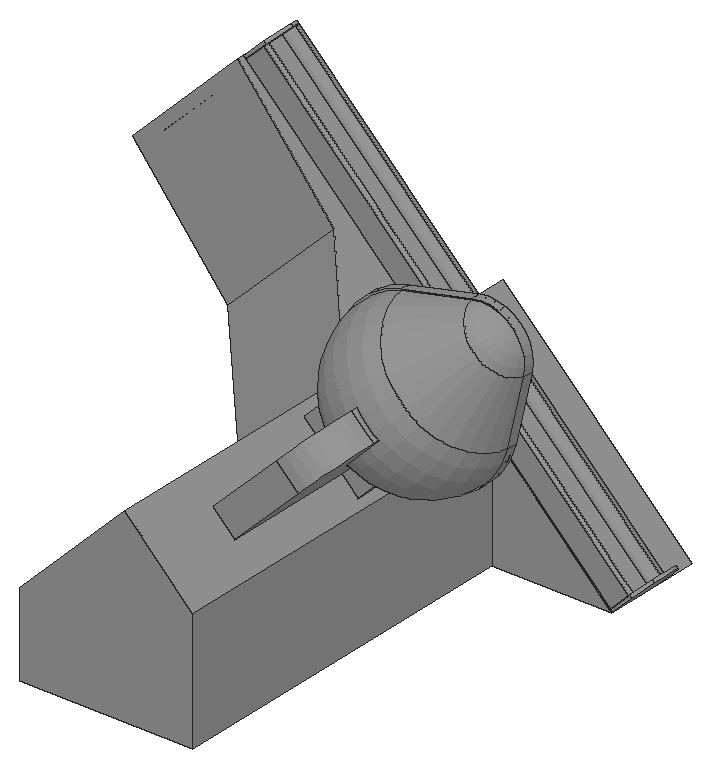
Revit family "Combination-Willoughby-ECW-1545-R-ON", category Plumbing Fixtures, Revit 2015
Parameters (values of type "Standard")
  Waste DIA [instance] = 2 3/8"
  Waste Connection = yes
  W-RAD [instance] = Waste DIA / 2  # 0' - 1 3/16"
  URL = "https://www.willoughby-ind.com/wp-content/uploads/2017/09/1545.pdf"
  Type Comments = ""
  Revision = "A"
  Flush Inlet Connection = yes
  Model = "ECW-1545-R-ON"
  Manufacturer = "Willoughby Industries"
  Lav Waste DIA [instance] = 1 1/2"
  LAV Waste Connection = yes
  L-RAD [instance] = Lav Waste DIA / 2  # 0' - 0 3/4"
  HW Connection = no
  Flush inlet DIA [instance] = 1 1/2"
  Fixture Body = Stainless Steel AISI 304-Willoughby
  F-RAD [instance] = Flush inlet DIA / 2  # 0' - 0 3/4"
  Description = "1545 Right Hand Orientation, Wall toilet waste outlet, On floor mounted"
  Default Elevation = 0' - 0"
  Contact Number = "(800) 428-4065"
  CW Connection = no
Reference planes (in)
  plane 1 "Center (Front/Back)": y = -16.25
  plane 2: z = 0
  plane 3 "Waste CL": x = 0
  plane 4 "Base": y = -16.25
  plane 5 "Seat height": y = 1.75
  plane 6 "Waste Hieght": y = -4.75
  plane 7 "Lwaste ht": y = 8
  plane 8 "flush inlet HT": y = 4.25
  plane 9 "Lav inlet HT": y = 18.25
  plane 10 "Fixture Height": y = 21.75
  plane 11: y = 16.75
  plane 12: y = 16.75
  plane 13: x = -4.43928
  plane 14: x = 0
  plane 15: through (5.56326, 0, 8.31174) normal (0.7071, 0, -0.7071)
  plane 16: through (18.93571, 0, 21.58587) normal (0.7071, 0, -0.7071)
  plane 17: through (11.21677, 0, 22.4617) normal (-0.7071, 0, -0.7071)
  plane 18: through (13.63108, 0, 13.0668) normal (-0.7071, 0, -0.7071)
  plane 19: through (-1.5625, 0, 6.3125) normal (0.7071, 0, 0.7071)
  plane 20: x = 0.375
  plane 21: x = -3.5
  plane 22: x = -6.125
  plane 23: x = 1.375
  plane 24: x = 8.875
Forms (in)
  Extrusion 1, solid, material "Stainless Steel AISI 304-Willoughby" <- "Fixture Body"
    sketch origin (-1.68458, 10.5, 3.3379) x (0.707107, 0, -0.707107) y (0.707107, 0, 0.707107)
      loop
        line (2.70982, 12.45225) -> (2.70982, 16.55468)
        arc (2.70982, 16.55468) -> (6.39888, 20.87266) -> (5.70617, 26.50951) r 7.0486
        line (5.70617, 26.50951) -> (2.63799, 31.40648)
        arc (2.63799, 31.40648) -> (-0.32794, 33.04818) -> (-3.29386, 31.40648) r 3.5
        line (-3.29386, 31.40648) -> (-6.39594, 26.45542)
        arc (-6.39594, 26.45542) -> (-7.09667, 20.86448) -> (-3.45054, 16.56851) r 7
        line (-3.45054, 16.56851) -> (-3.45054, 12.45225) -> (2.70982, 12.45225)
      loop
        line (3.8541, 24.70557) -> (1.45096, 30.23842)
        arc (1.45096, 30.23842) -> (-0.38804, 31.45225) -> (-2.22704, 30.23842) r 2
        line (-2.22704, 30.23842) -> (-4.63018, 24.70557)
        arc (-4.63018, 24.70557) -> (-0.38804, 18.23804) -> (3.8541, 24.70557) r 4.625
    from 8.75 to 9.5
  Revolve 2, solid, material "Stainless Steel AISI 304-Willoughby" <- "Fixture Body"
    sketch origin (-0.29485, 1.5, 6.67854) x (0.707107, 0, -0.707107) y (0.707107, 0, 0.707107)
      loop
        arc (1.06174, 12.59906) -> (7.15052, 16.14555) -> (7.06964, 23.19143) r 7
        line (7.06964, 23.19143) -> (4.02767, 28.04656)
        arc (4.02767, 28.04656) -> (2.75672, 29.25045) -> (1.06174, 29.68826) r 3.5
        line (1.06174, 29.68826) -> (1.06174, 29.43826)
        arc (1.06174, 29.43826) -> (2.63527, 29.03194) -> (3.81535, 27.91457) r 3.25
        line (3.81535, 27.91457) -> (6.78077, 23.18447)
        arc (6.78077, 23.18447) -> (6.96784, 16.33096) -> (1.06174, 12.84906) r 6.75
        line (1.06174, 12.84906) -> (1.06174, 12.59906)
      axis (1.06174, 12.59906) -> (1.06174, 29.68826)
    angle from 0 to -180
  Extrusion 3, solid, material "Stainless Steel AISI 304-Willoughby" <- "Fixture Body"
    sketch origin (-1.29276, 0, 6.04518) x (0, 1, 0) y (-0.707107, 0, -0.707107)
      loop
        line (-5.27082, -10.26086) -> (-5.27082, -18.76086)
        arc (-5.27082, -18.76086) -> (-2.93256, -15.26109) -> (1, -13.76086) r 6.92744
        line (1, -13.76086) -> (1, -10.26086) -> (-5.27082, -10.26086)
    from 0 to -2.5
  Extrusion 4, solid, material "Stainless Steel AISI 304-Willoughby" <- "Fixture Body"
    sketch origin (0, 21.75, -8.22682) x (-1, 0, 0) y (0, 0, -1)
      loop
        line (4.37918, -8.22682) -> (-19.26346, -8.22682) -> (-4.09227, -23.398) -> (4.37918, -14.92655) -> (4.37918, -8.22682)
    from 0 to 8
  Extrusion 5, solid, material "Stainless Steel AISI 304-Willoughby" <- "Fixture Body"
    sketch origin (14.57379, 17.75, 0.37065) x (-1, 0, 0) y (0, 0, -1)
      loop
        line (33.4941, -20.84255) -> (18.9668, -6.31525) -> (10.48152, -14.80053) -> (25.00882, -29.32784) -> (33.4941, -20.84255)
      loop
        line (25.93339, -27.1733) -> (31.28812, -21.81856)
        arc (31.28812, -21.81856) -> (31.58102, -21.11145) -> (31.28812, -20.40435) r 1
        line (31.28812, -20.40435) -> (21.29651, -10.41273)
        arc (21.29651, -10.41273) -> (20.5894, -10.11984) -> (19.88229, -10.41273) r 1
        line (19.88229, -10.41273) -> (14.52755, -15.76747)
        arc (14.52755, -15.76747) -> (14.23466, -16.47457) -> (14.52755, -17.18168) r 1
        line (14.52755, -17.18168) -> (24.51917, -27.1733)
        arc (24.51917, -27.1733) -> (25.22628, -27.46619) -> (25.93339, -27.1733) r 1
    from 0.25 to 4
  Extrusion 6, solid, material "Stainless Steel AISI 304-Willoughby" <- "Fixture Body"
    sketch origin (0, 15.25, 5.38846) x (-1, 0, 0) y (0, 0, -1)
      loop
        line (4.37918, -1.31128) -> (4.37918, 5.38846) -> (-9.56695, 5.38846) -> (-9.56695, -4.30805) -> (-9.03662, -4.83838) -> (-4.68059, -9.19441) -> (-4.09227, -9.78273) -> (4.37918, -1.31128)
    from 1.5 to 31.5
  Extrusion 7, solid, material "Stainless Steel AISI 304-Willoughby" <- "Fixture Body"
    sketch origin (12.34107, 46.33187, 6.92239) x (0, 1, 0) y (0.707107, 0, -0.707107)
      loop
        line (-32.58187, -11.66556) -> (-40.55839, -11.66556) -> (-34.30788, -19.96026) -> (-33.08187, -32.21026) -> (-32.58187, -32.21026) -> (-32.58187, -11.66556)
    from 0 to 12
  Extrusion 8, solid, material "Stainless Steel AISI 304-Willoughby" <- "Fixture Body"
    sketch origin (13.99364, -32.57743, -5.26884) x (0, 1, 0) y (-0.707107, 0, -0.707107)
      loop
        line (50.42743, -7.45195) -> (46.32743, -7.45195) -> (46.32743, -9.70195) -> (47.59556, -10.91308)
        arc (47.59556, -10.91308) -> (49.41117, -11.24179) -> (50.42743, -9.70176) r 1.675
        line (50.42743, -9.70176) -> (50.42743, -7.45195)
    from 0 to 0.25
  Extrusion 9, solid, material "Stainless Steel AISI 304-Willoughby" <- "Fixture Body"
    sketch origin (-27.44804, 0, 12.33192) x (0, 1, 0) y (-0.707107, 0, -0.707107)
      loop
        line (15.91806, -24.31001) -> (13.80508, -24.31001) -> (13.80508, -26.57803) -> (15.9431, -27.27305)
        arc (15.9431, -27.27305) -> (16.80723, -26.96317) -> (16.724, -26.04893) r 0.74997
        arc (16.724, -26.04893) -> (16.18275, -25.24356) -> (15.91806, -24.31001) r 3.08899
    from 0 to 0.25
  Sweep 10, solid, material "Stainless Steel AISI 304-Willoughby" <- "Fixture Body"
    path origin (0, 16.75813, 5.38846) x (-1, 0, 0) y (0, 0, -1)
      loop
        line (8.66726, -25.72424) -> (-20.67718, 3.6202)
    profile origin (6.00496, 16.75813, 16.44048) x (0.707107, 0, 0.707107) y (0, -1, 0)
      loop
        circle (0, 0.58305) r 0.75
  Extrusion 11, solid, material "Stainless Steel AISI 304-Willoughby" <- "Fixture Body"
    sketch origin (0.96677, 27.10824, 4.76918) x (0, 1, 0) y (-0.707107, 0, -0.707107)
      loop
        line (-32.37906, -9.56539) -> (-36.87906, -9.56539) -> (-36.87906, -16.85188)
        arc (-36.87906, -16.85188) -> (-35.70748, -19.68031) -> (-32.87906, -20.85188) r 4
        line (-32.87906, -20.85188) -> (-32.37906, -20.85188) -> (-32.37906, -9.56539)
    from 0 to 2.5
  Extrusion 12, solid, material "Stainless Steel AISI 304-Willoughby" <- "Fixture Body"
    sketch origin (0, 0, 0) x (-1, 0, 0) y (0, -1, 0)
      loop
        circle (-2.12082, 4.75) r 1.1875
    from 0 to -3
  Revolve 13, solid, material "Stainless Steel AISI 304-Willoughby" <- "Fixture Body"
    sketch origin (0, 4.25, 0) x (-1, 0, 0) y (0, 0, 1)
      loop
        line (1.75418, 0) -> (2.50418, 0) -> (2.50418, 1) -> (1.75418, 1) -> (1.75418, 0)
      axis (1.75418, 1) -> (1.75418, 0)
    angle from 0 to 360
  Revolve 14, solid, material "Stainless Steel AISI 304-Willoughby" <- "Fixture Body"
    sketch origin (0, 8, 0) x (-1, 0, 0) y (0, 0, 1)
      loop
        line (-2.59389, -3) -> (-1.84389, -3) -> (-1.84389, 1) -> (-2.59389, 1) -> (-2.59389, -3)
      axis (-2.59389, 1) -> (-2.59389, -3)
    angle from 0 to 360
  Extrusion 15, solid, material "Stainless Steel AISI 304-Willoughby" <- "Fixture Body"
    sketch origin (-27.44804, -3.80508, 12.33192) x (0, 1, 0) y (-0.707107, 0, -0.707107)
      loop
        line (17.61016, -24.31001) -> (17.61016, -26.37601)
        arc (17.61016, -26.37601) -> (17.68163, -26.54855) -> (17.85416, -26.62001) r 0.244
        line (17.85416, -26.62001) -> (19.22916, -26.62001) -> (19.22916, -26.50101) -> (17.85416, -26.50101)
        arc (17.85416, -26.50101) -> (17.76577, -26.4644) -> (17.72916, -26.37601) r 0.125
        line (17.72916, -26.37601) -> (17.72916, -24.31001) -> (17.61016, -24.31001)
    from 0 to -41.49931
Cuts and joins
  joined: Extrusion 4, Extrusion 5, Extrusion 6, Extrusion 7
  joined: Extrusion 3, Extrusion 11
Lines and regions (in)
  symbolic lines
    curve 1: line (0, -16.25, 0) -> (0, -16.25, 10.875)
    curve 2: line (0, -16.25, 10.875) -> (0, -9.77082, 10.875)
    curve 3: line (0, -9.77082, 7.42785) -> (0, -9.77082, 14.55072)
    curve 4: arc (0, -9.77082, 14.55072) -> (0, -9.63092, 15.12832) -> (0, -9.34027, 15.64669) r 2.18047
    curve 5: arc (0, -9.34027, 15.64669) -> (0, -8.16612, 16.62247) -> (0, -6.71641, 17.10112) r 4.10062
    curve 6: arc (0, -6.71641, 17.10112) -> (0, -6.25895, 17.17115) -> (0, -5.79693, 17.19776) r 4.90539
    curve 7: line (0, -5.79693, 17.19776) -> (0, -5.34908, 17.19776)
    curve 8: line (0, -9.77082, 7.42785) -> (0, 1, 7.42785)
    curve 9: line (0, 1, 7.42785) -> (0, 1, 6.12122)
    curve 10: line (0, 1, 6.12122) -> (0, 1.75, 6.12122)
    curve 11: line (0, 1.75, 6.12122) -> (0, 1.75, 23.85789)
    curve 12: line (0, 1.75, 23.85789) -> (0, 1, 23.85789)
    curve 13: line (0, 1, 23.85789) -> (0, 1, 23.81298)
    curve 14: arc (0, 1, 23.81298) -> (0, 0.24523, 23.62415) -> (0, -0.44203, 23.25943) r 3.213
    curve 15: line (0, -3.65124, 20.43726) -> (0, -0.44203, 23.25943)
    curve 16: arc (0, -3.65124, 20.43726) -> (0, -4.49136, 19.29804) -> (0, -5.10282, 18.02143) r 7.51089
    curve 17: arc (0, -5.10282, 18.02143) -> (0, -5.32358, 17.30352) -> (0, -5.4657, 16.56599) r 6.96004
    curve 18: arc (0, -5.4657, 16.56599) -> (0, -5.44608, 14.67073) -> (0, -4.87907, 12.86216) r 6.48196
    curve 19: arc (0, -4.87907, 12.86216) -> (0, -2.47541, 10.03856) -> (0, 1, 8.74559) r 7.35882
    curve 20: line (0, 1.75, 10.875) -> (0, 17.75, 10.875)
    curve 21: line (0, 6.9375, 10.875) -> (0, 12.02399, 15.64797)
    curve 22: line (0, 12.02399, 15.64797) -> (0, 13.25, 24.31003)
    curve 23: line (0, 13.25, 24.31003) -> (0, 14.75, 24.31003)
    curve 24: line (0, 14.75, 24.31003) -> (0, 16.08298, 26.14349)
    curve 25: arc (0, 16.08298, 26.14349) -> (0, 16.84422, 26.47073) -> (0, 17.49557, 25.95855) r 0.81101
    curve 26: line (0, 17.49557, 25.95855) -> (0, 17.75, 24.31003)
    curve 27: line (0, 17.75, 24.31003) -> (0, 17.75, 10.875)
    curve 28: line (0, 17.75, 10.875) -> (0, 21.75, 10.875)
    curve 29: line (0, 21.75, 10.875) -> (0, 21.75, 0)
    curve 30: line (0, 21.75, 0) -> (0, -16.25, 0)
    curve 31: line (-6.125, -16.25, 0) -> (8.875, -16.25, 0)
    curve 32: line (8.875, -16.25, 0) -> (8.875, -9.77082, 0)
    curve 33: line (8.875, -9.77082, 0) -> (4.67938, -9.77082, 0)
    curve 34: line (4.67938, -9.77082, 0) -> (4.67938, 1, 0)
    curve 35: line (4.67938, 1, 0) -> (3.39775, 1, 0)
    curve 36: line (3.39775, 1, 0) -> (3.39775, 1.75, 0)
    curve 37: line (3.39775, 1.75, 0) -> (21.19441, 1.75, 0)
    curve 38: line (21.19441, 1.75, 0) -> (21.15511, 1, 0)
    curve 39: arc (21.15511, 1, 0) -> (20.95055, 0.24585, 0) -> (20.59794, -0.45146, 0) r 3.84994
    curve 40: line (20.59794, -0.45146, 0) -> (18.38285, -2.99963, 0)
    curve 41: arc (18.38285, -2.99963, 0) -> (17.86342, -3.56386, 0) -> (17.28141, -4.06329, 0) r 6.5291
    curve 42: arc (17.28141, -4.06329, 0) -> (15.92752, -4.87211, 0) -> (14.4279, -5.36027, 0) r 7.06139
    curve 43: arc (14.4279, -5.36027, 0) -> (13.54813, -5.48094, 0) -> (12.66013, -5.48389, 0) r 6.68208
    curve 44: arc (12.66013, -5.48389, 0) -> (10.67273, -5.07519, 0) -> (8.875, -4.13447, 0) r 7.28874
    curve 45: arc (8.875, -4.13447, 0) -> (7.41489, -2.70905, 0) -> (6.44715, -0.9126, 0) r 6.75389
    curve 46: arc (6.44715, -0.9126, 0) -> (6.18017, 0.03016, 0) -> (6.04061, 1, 0) r 7.37011
    curve 47: line (14.4279, -5.36027, 0) -> (14.4279, -5.77082, 0)
    curve 48: arc (14.4279, -5.77082, 0) -> (14.2915, -6.96797, 0) -> (13.88929, -8.10376, 0) r 5.32184
    curve 49: arc (13.88929, -8.10376, 0) -> (13.02601, -9.24289, 0) -> (11.69305, -9.75875, 0) r 2.61768
    curve 50: line (11.69305, -9.75875, 0) -> (8.87748, -9.75875, 0)
    curve 51: arc (10.07132, -9.75875, 0) -> (10.92795, -9.45203, 0) -> (11.62189, -8.86353, 0) r 2.5444
    curve 52: arc (11.62189, -8.86353, 0) -> (12.41175, -7.45024, 0) -> (12.65944, -5.85026, 0) r 4.57133
    curve 53: line (12.65944, -5.85026, 0) -> (12.65944, -5.49235, 0)
    curve 54: line (8.875, 1.75, 0) -> (8.875, 15.25, 0)
    curve 55: line (8.875, 15.25, 0) -> (15.375, 15.25, 0)
    curve 56: arc (15.375, 15.25, 0) -> (16.875, 16.75, 0) -> (15.375, 18.25, 0) r 1.5
    curve 57: line (15.375, 18.25, 0) -> (13.875, 18.25, 0)
    curve 58: line (13.875, 18.25, 0) -> (13.875, 21.75, 0)
    curve 59: line (13.875, 21.75, 0) -> (-6.125, 21.75, 0)
    curve 60: line (-6.125, 21.75, 0) -> (-6.125, 17.75, 0)
    curve 61: line (-6.125, 17.75, 0) -> (-18.92031, 17.75, 0)
    curve 62: line (-18.92031, 17.75, 0) -> (-18.92031, 13.25, 0)
    curve 63: line (-18.92031, 13.25, 0) -> (-10.25825, 12.02399, 0)
    curve 64: line (-10.25825, 12.02399, 0) -> (-6.125, 7.61924, 0)
    curve 65: line (-6.125, 7.61924, 0) -> (-6.125, -16.25, 0)
  reference lines
    curve 66: line (-8.31371, -16.25, 30.67437) -> (21.38478, -16.25, 0.97588)
    curve 67: line (-4.37918, -16.25, 0) -> (-4.37918, 17.5, 0)
    curve 68: line (-4.37918, 17.5, 0) -> (-18.92031, 17.5, 0)
Dimensions and locks (in)
  locked: plane 5 "Seat height" to plane 4 "Base" at 18
  plane 6 "Waste Hieght" to plane 4 "Base" = 0' - 11 1/2"
  plane 7 "Lwaste ht" to plane 4 "Base" = 2' - 0 1/4"
  plane 8 "flush inlet HT" to plane 4 "Base" = 1' - 8 1/2"
  locked: Extrusion 1 to Extrusion 1 at 0.75
  plane 21 to plane 20 = 0' - 3 7/8"
  cut or joined group of Extrusion 4, Extrusion 5, Extrusion 6, Extrusion 7 to plane 21 = 0' - 0.87918"  (x2)
  cut or joined group of Extrusion 4, Extrusion 5, Extrusion 6, Extrusion 7 to plane 20 = 0' - 4.75418"  (x2)
  plane 22 to plane 23 = 0' - 7 1/2"
  cut or joined group of Extrusion 4, Extrusion 5, Extrusion 6, Extrusion 7 to plane 4 "Base" = 2' - 9 3/4"
  locked: plane 10 "Fixture Height" to plane 4 "Base" at 38
  locked: plane 1 "Center (Front/Back)" to Extrusion 1 at 18
  plane 24 to plane 22 = 1' - 3"
  plane 22 to cut or joined group of Extrusion 4, Extrusion 5, Extrusion 6, Extrusion 7 = 2' - 1.38846"
  Revolve 13 sketch curve to Revolve 13 sketch curve = 0' - 1"
  Revolve 14 sketch curve to Revolve 14 sketch curve = 0' - 1"
  "W-RAD": radius of Extrusion 12 sketch curve
  aligned: plane 18 to Revolve 2
  aligned: plane 16 to plane 15
  aligned: plane 18 to plane 17
  aligned and locked: plane 6 "Waste Hieght" to Extrusion 12 sketch curve
  aligned and locked: Revolve 13 sketch curve to Revolve 13 sketch curve  (x2)
  aligned and locked: Revolve 14 sketch curve to Revolve 14 sketch curve
  aligned and locked: Extrusion 6 to Extrusion 4  (x2)
  aligned and locked: Extrusion 15 to Extrusion 8
  aligned and locked: Extrusion 4 to Extrusion 6  (x2)
  aligned and locked: Extrusion 7 to Extrusion 4
  aligned and locked: Extrusion 5 to Extrusion 4
  aligned and locked: cut or joined group of Extrusion 4, Extrusion 5, Extrusion 6, Extrusion 7 to Revolve 13 sketch curve
  aligned and locked: Extrusion 12 to Revolve 14 sketch curve
  aligned and locked: Extrusion 5 to curve 68
Automatic sketch dimensions
  Revolve 2 sketch curve to Revolve 2 sketch curve = 0' - 0"  (x3)
  plane 15 to Revolve 2 sketch curve = 0' - 1.92572"  (x4)
  plane 17 to Revolve 2 sketch curve = 0' - 8.74624"
  plane 17 to Revolve 2 sketch curve = 0' - 8.61425"
  Revolve 2 sketch curve to plane 15 = 0' - 0.82789"
  Revolve 2 sketch curve to Revolve 2 sketch curve = 0' - 0.21232"
  Revolve 2 sketch curve to Revolve 2 sketch curve = 0' - 2.96542"
  Revolve 2 sketch curve to Revolve 2 sketch curve = 0' - 0.28887"
  plane 17 to Revolve 2 sketch curve = 0' - 6.88794"
  plane 17 to Revolve 2 sketch curve = 0' - 3.89111"
  Revolve 2 sketch curve to Revolve 2 sketch curve = 0' - 0.00696"
  Revolve 2 sketch curve to Revolve 2 sketch curve = 0' - 3 1/4"
  Revolve 2 sketch curve to Revolve 2 sketch curve = 0' - 3.3392"
  Revolve 2 sketch curve to Revolve 2 sketch curve = 0' - 2.4108"
  Extrusion 3 sketch curve to plane 6 "Waste Hieght" = 0' - 0.52082"
  plane 5 "Seat height" to Extrusion 3 sketch curve = 0' - 0 3/4"
  plane 5 "Seat height" to Extrusion 3 sketch curve = 0' - 0.3638"
  plane 17 to Extrusion 3 sketch curve = 0' - 0.22371"
  Extrusion 3 sketch curve to plane 17 = 0' - 1.69295"
  Extrusion 3 sketch curve to plane 19 = 0' - 10.26256"
  Extrusion 5 sketch curve to Extrusion 5 sketch curve = 0' - 0.70711"  (x11)
  Extrusion 5 sketch curve to Extrusion 5 sketch curve = 0' - 0.48964"
  Extrusion 5 sketch curve to Extrusion 5 sketch curve = 0' - 2.91308"
  level to Extrusion 5 sketch curve = 2' - 5.69848"
  Extrusion 5 sketch curve to Extrusion 5 sketch curve = 0' - 2.15454"
  Extrusion 5 sketch curve to Extrusion 5 sketch curve = 0' - 5.35474"
  Extrusion 5 sketch curve to Extrusion 5 sketch curve = 0' - 0.43821"
  Extrusion 5 sketch curve to Extrusion 5 sketch curve = 0' - 2.38115"
  Extrusion 5 sketch curve to Extrusion 5 sketch curve = 0' - 4.80458"
  Extrusion 7 sketch curve to plane 7 "Lwaste ht" = 0' - 2.22652"
  plane 7 "Lwaste ht" to Extrusion 7 sketch curve = 0' - 4.02399"
  Extrusion 7 sketch curve to plane 11 = 0' - 3 1/2"
  Extrusion 7 sketch curve to Extrusion 7 sketch curve = 0' - 0 1/2"
  plane 15 to Extrusion 7 sketch curve = 2' - 2.43521"
  plane 15 to Extrusion 7 sketch curve = 1' - 2.18521"
  plane 15 to Extrusion 7 sketch curve = 0' - 5.89051"
  Extrusion 11 sketch curve to plane 6 "Waste Hieght" = 0' - 5.02082"
  Extrusion 11 sketch curve to plane 6 "Waste Hieght" = 0' - 1.02082"
  Extrusion 11 sketch curve to plane 6 "Waste Hieght" = 0' - 0.52082"
  plane 17 to Extrusion 11 sketch curve = 0' - 1.09353"
  Extrusion 11 sketch curve to plane 19 = 0' - 10.26256"
  Extrusion 5 sketch curve to plane 13 = 0' - 0.86922"
  plane 13 to Extrusion 5 sketch curve = 0' - 0.04627"
  Extrusion 5 sketch curve to plane 13 = 0' - 5.5061"
  Extrusion 5 sketch curve to plane 3 "Waste CL" = 0' - 0.66087"
  plane 3 "Waste CL" to Extrusion 5 sketch curve = 0' - 0.04623"
  plane 20 to Extrusion 5 sketch curve = 0' - 3.71727"
  curve 66 to plane 22 = 0' - 2.18871"
  level to curve 66 = 2' - 6.67437"
  level to curve 66 = 0' - 0.97588"
  plane 24 to curve 66 = 1' - 0.50978"
  curve 1 to level = 0' - 0"
  curve 1 to plane 1 "Center (Front/Back)" = 0' - 0"
  curve 11 to plane 5 "Seat height" = 0' - 0"
  curve 29 to plane 10 "Fixture Height" = 0' - 0"
  curve 3 to plane 6 "Waste Hieght" = 0' - 5.02082"
  curve 4 to curve 4 = 0' - 2.16937"
  curve 5 to plane 6 "Waste Hieght" = 0' - 1.4281"
  curve 7 to plane 6 "Waste Hieght" = 0' - 1.04693"
  curve 5 to curve 6 = 0' - 0.4319"
  plane 6 "Waste Hieght" to curve 15 = 0' - 1.09876"
  plane 5 "Seat height" to curve 15 = 0' - 2.19203"
  plane 5 "Seat height" to curve 18 = 0' - 0.79392"
  plane 5 "Seat height" to curve 12 = 0' - 0 3/4"
  plane 5 "Seat height" to curve 8 = 0' - 0 3/4"
  plane 5 "Seat height" to curve 14 = 0' - 0.35334"
  plane 5 "Seat height" to curve 17 = 0' - 0.32029"
  plane 5 "Seat height" to curve 19 = 0' - 0.00457"
  curve 16 to plane 5 "Seat height" = 0' - 0.19673"
  plane 7 "Lwaste ht" to curve 22 = 0' - 4.02399"
  curve 22 to plane 11 = 0' - 3 1/2"
  curve 22 to curve 24 = 0' - 1 1/2"
  curve 24 to plane 11 = 0' - 0.66702"
  curve 25 to plane 11 = 0' - 0.01105"
  plane 11 to curve 26 = 0' - 0.74557"
  curve 26 to plane 9 "Lav inlet HT" = 0' - 0 1/2"
  level to curve 11 = 0' - 6.12122"
  level to curve 3 = 0' - 7.42785"
  level to curve 28 = 0' - 10 7/8"
  curve 3 to curve 2 = 0' - 3.44715"
  curve 2 to curve 6 = 0' - 1.41764"
  curve 6 to curve 5 = 0' - 0.74335"
  curve 5 to curve 4 = 0' - 1.29507"
  curve 4 to curve 3 = 0' - 0.21968"
  curve 20 to curve 16 = 0' - 4.55465"
  curve 16 to curve 17 = 0' - 0.19008"
  curve 21 to curve 21 = 0' - 4.77297"
  curve 17 to curve 18 = 0' - 0.065"
  curve 17 to curve 19 = 0' - 0.44682"
  curve 4 to curve 7 = 0' - 2.86671"
  curve 7 to curve 15 = 0' - 3.2395"
  curve 19 to curve 14 = 0' - 4.558"
  curve 14 to curve 15 = 0' - 2.63488"
  curve 14 to curve 12 = 0' - 0.04491"
  curve 21 to curve 22 = 0' - 8.66206"
  curve 23 to curve 26 = 0' - 0"
  curve 26 to curve 25 = 0' - 1.35656"
  curve 25 to curve 26 = 0' - 0.29197"
  curve 3 to curve 5 = 0' - 0.43054"
  curve 7 to curve 17 = 0' - 0.33123"
  curve 18 to curve 17 = 0' - 0"
  curve 19 to curve 18 = 0' - 0"
  plane 5 "Seat height" to curve 19 = 0' - 0 3/4"
  curve 21 to plane 7 "Lwaste ht" = 0' - 1 1/16"
  Extrusion 4 sketch curve to level = 0' - 0"
  plane 24 to Extrusion 4 sketch curve = 0' - 10.38846"
  plane 23 to Extrusion 4 sketch curve = 0' - 2.71727"
  plane 22 to Extrusion 4 sketch curve = 0' - 1.74582"
  level to Extrusion 4 sketch curve = 0' - 6.69974"
  level to Sweep 10 sketch curve = 0' - 1.76825"
  plane 24 to Sweep 10 sketch curve = 0' - 11.80218"
  Sweep 10 sketch curve to plane 22 = 0' - 2.54226"
  level to Sweep 10 sketch curve = 2' - 7.1127"
  Extrusion 8 sketch curve to plane 11 = 0' - 3"
  Extrusion 8 sketch curve to plane 11 = 0' - 1.73186"
  Extrusion 8 sketch curve to plane 11 = 0' - 0.575"
  Extrusion 8 sketch curve to plane 9 "Lav inlet HT" = 0' - 0.4"
  Extrusion 8 sketch curve to plane 18 = 0' - 1.7958"
  Extrusion 8 sketch curve to Extrusion 8 sketch curve = 0' - 1.21113"
  Extrusion 8 sketch curve to Extrusion 8 sketch curve = 0' - 2 1/4"
  Sweep 10 sketch curve to profile plane = 0' - 0"
  profile plane to Sweep 10 sketch curve = 0' - 0.58305"
  Extrusion 9 sketch curve to plane 11 = 0' - 2.94492"
  Extrusion 9 sketch curve to plane 11 = 0' - 0.83194"
  Extrusion 9 sketch curve to plane 11 = 0' - 0.8069"
  Extrusion 9 sketch curve to plane 11 = 0' - 0.57503"
  plane 9 "Lav inlet HT" to Extrusion 9 sketch curve = 0' - 0.73536"
  Extrusion 9 sketch curve to plane 18 = 0' - 2.29391"
  Extrusion 9 sketch curve to Extrusion 9 sketch curve = 0' - 0.69502"
  Extrusion 9 sketch curve to Extrusion 9 sketch curve = 0' - 0.71322"
  Extrusion 9 sketch curve to Extrusion 9 sketch curve = 0' - 2.26801"
  Extrusion 9 sketch curve to Extrusion 9 sketch curve = 0' - 0.36538"
  Extrusion 15 sketch curve to Extrusion 15 sketch curve = 0' - 0"  (x4)
  plane 7 "Lwaste ht" to Extrusion 15 sketch curve = 0' - 5.80508"
  Extrusion 15 sketch curve to Extrusion 15 sketch curve = 0' - 0.119"
  Extrusion 15 sketch curve to Extrusion 15 sketch curve = 0' - 1 3/8"
  Extrusion 15 sketch curve to plane 18 = 0' - 2.94695"
  Extrusion 15 sketch curve to Extrusion 15 sketch curve = 0' - 2.066"
  Extrusion 15 sketch curve to Extrusion 15 sketch curve = 0' - 0 1/8"
  Extrusion 1 sketch curve to Extrusion 1 sketch curve = 0' - 0"  (x2)
  plane 17 to Extrusion 1 sketch curve = 0' - 3.81021"
  plane 15 to Extrusion 1 sketch curve = 0' - 8 1/256"
  plane 17 to Extrusion 1 sketch curve = 0' - 2.06037"
  Extrusion 1 sketch curve to Extrusion 1 sketch curve = 0' - 1.76576"
  plane 15 to Extrusion 1 sketch curve = 0' - 5.05851"
  Extrusion 1 sketch curve to Extrusion 1 sketch curve = 0' - 3.10208"
  Extrusion 1 sketch curve to Extrusion 1 sketch curve = 0' - 1.06682"
  Extrusion 1 sketch curve to Extrusion 1 sketch curve = 0' - 1.839"
  plane 17 to Extrusion 1 sketch curve = 0' - 0.21784"
  plane 15 to Extrusion 1 sketch curve = 0' - 1.99601"
  Extrusion 1 sketch curve to Extrusion 1 sketch curve = 0' - 0.03743"
  Extrusion 1 sketch curve to Extrusion 1 sketch curve = 0' - 0.06011"
  Extrusion 1 sketch curve to Extrusion 1 sketch curve = 0' - 1.7789"
  Extrusion 1 sketch curve to plane 15 = 0' - 1.03003"
  Extrusion 1 sketch curve to plane 15 = 0' - 1.10186"
  Extrusion 1 sketch curve to plane 16 = 0' - 2.17661"
  Extrusion 1 sketch curve to plane 16 = 0' - 4.02869"
  Extrusion 1 sketch curve to plane 18 = 0' - 1.1545"
  Extrusion 1 sketch curve to Extrusion 1 sketch curve = 0' - 4.10244"
  Extrusion 1 sketch curve to Extrusion 1 sketch curve = 0' - 0.04117"
  Extrusion 1 sketch curve to Extrusion 1 sketch curve = 0' - 4.74668"
  Extrusion 1 sketch curve to Extrusion 1 sketch curve = 0' - 0.09593"
  Extrusion 1 sketch curve to Extrusion 1 sketch curve = 0' - 0.78617"
  Extrusion 1 sketch curve to Extrusion 1 sketch curve = 0' - 1.16806"
  Extrusion 6 sketch curve to level = 0' - 0"
  plane 24 to Extrusion 6 sketch curve = 0' - 0.69195"
  plane 24 to Extrusion 6 sketch curve = 0' - 0.16162"
  plane 23 to Extrusion 6 sketch curve = 0' - 3.30559"
  Extrusion 6 sketch curve to Extrusion 6 sketch curve = 0' - 0.58831"
  plane 13 to Extrusion 6 sketch curve = 0' - 0.06011"
  level to Extrusion 6 sketch curve = 0' - 6.69974"
  level to Extrusion 6 sketch curve = 0' - 9.69651"
  Extrusion 6 sketch curve to Extrusion 6 sketch curve = 0' - 0.53033"
  Extrusion 6 sketch curve to Extrusion 6 sketch curve = 0' - 4.35603"
  plane 23 to Extrusion 12 sketch curve = 0' - 0.74582"
  Revolve 13 sketch curve to level = 0' - 0"
  Revolve 13 sketch curve to plane 21 = 0' - 1.74582"
  Revolve 13 sketch curve to Revolve 13 sketch curve = 0' - 0 3/4"
  Revolve 14 sketch curve to level = 0' - 0"
  plane 23 to Revolve 14 sketch curve = 0' - 1.21889"
  plane 23 to Revolve 14 sketch curve = 0' - 0.46889"
  Revolve 14 sketch curve to Revolve 14 sketch curve = 0' - 0"
  plane 1 "Center (Front/Back)" to curve 67 = 0' - 0"
  curve 68 to plane 9 "Lav inlet HT" = 0' - 0 3/4"
  curve 68 to plane 22 = 1' - 0.79531"
  plane 13 to curve 68 = 0' - 0.06011"
  plane 1 "Center (Front/Back)" to curve 65 = 0' - 0"
  curve 65 to plane 22 = 0' - 0"
  curve 61 to plane 22 = 0' - 0"
  plane 5 "Seat height" to curve 36 = 0' - 0"
  curve 33 to plane 24 = 0' - 0"
  curve 54 to plane 24 = 0' - 0"
  curve 44 to plane 24 = 0' - 0"
  curve 45 to plane 24 = 0' - 0"
  plane 9 "Lav inlet HT" to curve 58 = 0' - 0"
  curve 59 to plane 10 "Fixture Height" = 0' - 0"
  curve 56 to plane 11 = 0' - 0"
  curve 64 to plane 22 = 0' - 4.13325"
  curve 61 to plane 9 "Lav inlet HT" = 0' - 0 1/2"
  curve 61 to curve 63 = 0' - 8.66206"
  plane 5 "Seat height" to curve 36 = 0' - 0 3/4"
  plane 23 to curve 36 = 0' - 2.02275"
  curve 35 to curve 34 = 0' - 1.28163"
  curve 52 to plane 24 = 0' - 0.78553"
  plane 24 to curve 48 = 0' - 0.23106"
  plane 24 to curve 51 = 0' - 0.78075"
  curve 51 to curve 49 = 0' - 1.7949"
  curve 49 to curve 50 = 0' - 0.2424"
  curve 53 to plane 6 "Waste Hieght" = 0' - 1.10026"
  curve 49 to curve 53 = 0' - 1.20879"
  plane 5 "Seat height" to curve 45 = 0' - 0.39446"
  plane 24 to curve 45 = 0' - 3.93379"
  plane 5 "Seat height" to curve 42 = 0' - 0.1936"
  curve 45 to curve 42 = 0' - 0.19682"
  curve 45 to curve 43 = 0' - 0.27322"
  curve 44 to plane 5 "Seat height" = 0' - 0.04031"
  curve 42 to curve 44 = 0' - 0.1147"
  curve 43 to curve 41 = 0' - 0.24591"
  plane 5 "Seat height" to curve 46 = 0' - 0 3/16"
  curve 44 to curve 46 = 0' - 0.26891"
  plane 24 to curve 58 = 0' - 5"
  curve 47 to plane 6 "Waste Hieght" = 0' - 1.02082"
  curve 53 to curve 47 = 0' - 1.76845"
  curve 57 to curve 56 = 0' - 1 1/2"
  plane 5 "Seat height" to curve 39 = 0' - 0.12445"
  curve 46 to curve 39 = 0' - 3.9671"
  plane 6 "Waste Hieght" to curve 40 = 0' - 1.75037"
  curve 47 to curve 40 = 0' - 3.95496"
  plane 5 "Seat height" to curve 40 = 0' - 2.20146"
  curve 41 to curve 40 = 0' - 2.21509"
  plane 5 "Seat height" to curve 38 = 0' - 0 3/4"
  curve 38 to curve 37 = 0' - 0.03931"
  curve 34 to plane 6 "Waste Hieght" = 0' - 5.02082"
  curve 32 to curve 50 = 0' - 0.01207"
  curve 51 to curve 48 = 0' - 1.4777"
  curve 49 to curve 52 = 0' - 1.30206"
  curve 52 to curve 48 = 0' - 0.19114"
  curve 47 to curve 47 = 0' - 0.41054"
  curve 41 to curve 43 = 0' - 0.05208"
  curve 64 to plane 7 "Lwaste ht" = 0' - 0.38076"
  plane 7 "Lwaste ht" to curve 64 = 0' - 4.02399"
  curve 62 to plane 11 = 0' - 3 1/2"
  curve 34 to curve 46 = 0' - 1.36123"
  curve 46 to curve 45 = 0' - 0"
  plane 24 to curve 50 = 0' - 0.00248"
  curve 50 to curve 51 = 0' - 1.19384"
  curve 53 to curve 44 = 0' - 0.00846"
  radius of Sweep 10 sketch curve = 0' - 0 3/4"
Connectors (in)
  piping at (2.12082, -4.75, -3), diameter 2.375, driven by "W-RAD", driven by "Waste Connection"
    settings: on Extrusion 12, index 6, connector inside diameter 2 1/4", connector length 0' - 0", flow factor 0, pipe flow 1.6 GPM, pressure drop 0.00 psi, fitting loss kfactor 0, connector angle 0.00°, fixture units 0, engagement length 0' - 0", angle of deflection 0.00°, flow configuration 0, flow direction 2, fitting loss method 0, system type 16, joint type 0, gender type 0, connector reference index -1, connector utility 1, adjustable connector yes, is connector primary yes, connector description "Toilet Waste"
  piping at (2.59389, 8, -3), diameter 1.5, driven by "L-RAD", driven by "LAV Waste Connection"
    settings: on Revolve 14, index 7, connector inside diameter 24", connector length 0' - 0", flow factor 0, pipe flow 0 GPM, pressure drop 0.00 psi, fitting loss kfactor 0, connector angle 0.00°, fixture units 0, engagement length 0' - 0", angle of deflection 0.00°, flow configuration 0, flow direction 0, fitting loss method 0, system type 7, joint type 0, gender type 0, connector reference index -1, connector utility 1, adjustable connector no, is connector primary no, connector description "Sink Waste"
  piping at (-1.75418, 4.25, 0), diameter 1.5, driven by "F-RAD", driven by "Flush Inlet Connection"
    settings: on Revolve 13, index 8, connector inside diameter 24", connector length 0' - 0", flow factor 0, pipe flow 0 GPM, pressure drop 0.00 psi, fitting loss kfactor 0, connector angle 0.00°, fixture units 0, engagement length 0' - 0", angle of deflection 0.00°, flow configuration 0, flow direction 0, fitting loss method 0, system type 7, joint type 0, gender type 0, connector reference index -1, connector utility 1, adjustable connector no, is connector primary no, connector description "Flush Inlet"
